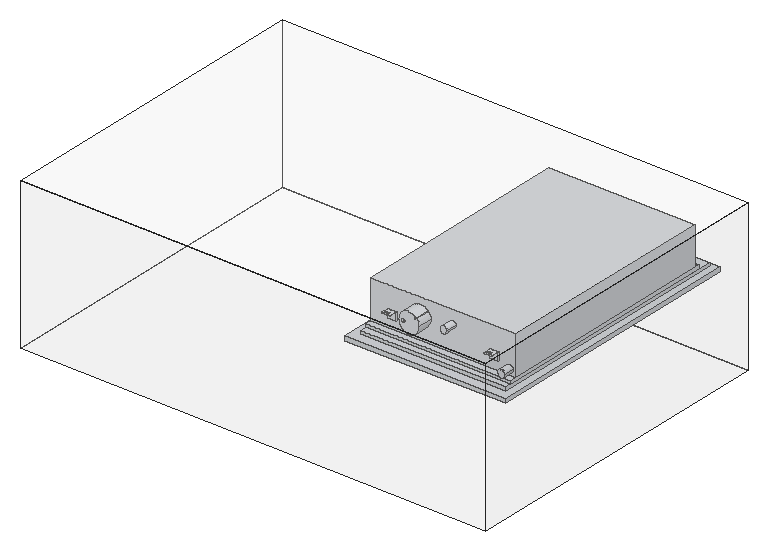
Revit family "pm-rp40_80fa19_50hz", category 機械設備, Revit 2019
Family settings
  丸型コネクタ寸法 = 直径を使用
  パーツ タイプ = 標準
  OmniClass 番号 = 23.75.10.24.21.27.27
  OmniClass タイトル = Split System Air Conditioning Units
  作業面ベース = いいえ
  常に垂直 = はい
  ロード時にボイドで切り取り = いいえ
  共有 = いいえ
  部屋計算ポイント = はい
Parameters (values of type "天井1方向_PM-RP40FA19")
  風量_静 (㎥/min) = 11
  風量_強 (㎥/min) = 15
  風量_弱 (㎥/min) = 12
  風量_中 (㎥/min) = 14
  風量 = MAX風量  # 900.0 m³/h
  音響パワーレベル(dB) = [音響パワーレベル_強 (dB)]  # 55
  音響パワーレベル_静 (dB) = 47
  音響パワーレベル_強 (dB) = 55
  音響パワーレベル_弱 (dB) = 50
  音響パワーレベル_中 (dB) = 52
  電源種別 = ""
  電源_H = 60 mm
  電圧 = 0 V
  電動機出力_送風機 = 0.09 kW
  運転質量 = 0.00 kg
  連動 = ""
  質量 = if(製品質量 > 運転質量, 製品質量, 運転質量) * 1.2  # 37.80 kg
  負荷分類 = 3_ファン類
  製品質量_本体 = 25.00 kg
  製品質量_パネル = 6.50 kg
  構成品番 = "PM-RP40FA19"
  ドレン管径 (外径) = 32 mm
  ドレン管径 = 25 mm
  サービススペース = yes
  【値が 0 の項目は組合せ形名にてご確認ください】 = ""
  URL = "https://www.mitsubishielectric.co.jp/ldg/wink/ssl/top.do"
  説明 = "店舗・事務所用パッケージエアコン(Mr.SLIM) [本体]1方向天井カセット形"
  設計暖房能力 = 0.00 kW
  設計冷房能力_顕熱 = 0 kW
  設計冷房能力 = 0 kW
  設置方法 = "カセット形"
  記号 = ""
  製造元 = "三菱電機株式会社"
  製品質量 = 製品質量_本体 + 製品質量_パネル  # 31.50 kg
  製品出荷対象 = "国内"
  製品リリース年月 = ""
  製品グループ = ""
  系統 = ""
  符号 = "PAC-CK1"
  積算_科目 = "1 空気調和設備"
  積算_拾い区分 [instance] = ""
  相 = 1
  盤記号 = ""
  発停方法 = "付属スイッチ"
  特殊仕様 = ""
  火災停止 = ""
  消費電力_暖房 = 0.07 kW
  消費電力_冷房 = 0.08 kW
  消費電力 = if(消費電力_冷房 > 消費電力_暖房, 消費電力_冷房, 消費電力_暖房)  # 0.08 kW
  法定耐用年数 = "6"
  極数 = 1
  材質 = ""
  本体マテリアル = none
  有効加湿量 = 0
  暖房能力 = 4.00 kW
  推奨ブレーカー容量 = 0 A
  形式_加湿器 = ""
  形式 = "1方向天井カセット形"
  幹線記号 = ""
  始動方式 = "直入"
  呼称 = "パッケージ形空気調和機_室内機"
  周波数 = 50 Hz
  吊り位置Y = 1173 mm
  吊り位置X = 510 mm
  吊りボルト_H = 117 mm
  台数_手元リモコン = ""
  台数_冷媒分岐ユニット = ""
  参照している仕様書等のバージョン = "公共建築工事標準仕様書（機械設備工事編）平成31年度版"
  加湿給水管径 = 0 mm
  分類コード = "5.0053E+13"
  分類グループ = ""
  冷房能力 = 3.6 kW
  冷媒高低圧ガス管径 = 0 mm
  冷媒管径符号 = "Ac"
  冷媒管径 = 100 mm
  冷媒液管高さ = 171 mm
  冷媒液管長さ = 72 mm
  冷媒液管径 = 6.4 mm
  冷媒ガス管高さ = 141 mm
  冷媒ガス管長さ = 72 mm
  冷媒ガス管径 = 12.7 mm
  企業コード = "108420"
  付属品_フィルター = ""
  付属品 = ""
  仕様書バージョン = "Version1.0"
  Model = ""
  パネルマテリアル = none
  ドレン管高さ = 159 mm
  コメント [instance] = ""
  ケーブル種類 = ""
  ケーブルサイズ = 0 mm
  Width = 724 mm
  Version = ""
  Uniclass2015Version = "Systems v1.9"
  Uniclass2015Title = "Split coil remote air cooled condensing units"
  Uniclass2015Code = "Pr_70_65_03_84"
  SpecificationReference = ""
  SpecificationDescription = ""
  S_H = 230 mm
  Revision = ""
  ProductInformation = ""
  Panel Width = 800 mm
  Panel Height = 20 mm
  Panel Depth = 1340 mm
  OmniClassCode = "23-33 17 13 11"
  MIN風量 = [風量_静 (㎥/min)] * 60.0 m³/h  # 660.0 m³/h
  MID風量2 = [風量_弱 (㎥/min)] * 60.0 m³/h  # 720.0 m³/h
  MID風量 = [風量_中 (㎥/min)] * 60.0 m³/h  # 840.0 m³/h
  MAX風量 = [風量_強 (㎥/min)] * 60.0 m³/h  # 900.0 m³/h
  IfcTypeProduct = ""
  IfcProduct = ""
  IfcExportType = "AIRCONDITIONINGUNIT"
  IfcExportAs = "IfcUnitaryEquipmentType"
  Height = 225 mm
  Depth = 1112 mm
  価格 = 0
  Clearance Top = 230 mm
  Clearance Right = 20 mm
  Clearance Left = 1500 mm
  Clearance Front = 150 mm
  Clearance Bottom = 500 mm
  Clearance Back = 150 mm
  Author = "三菱電機株式会社"
Types (8, lengths in mm): name | 風量_静 (㎥/min) | 風量_強 (㎥/min) | 風量_弱 (㎥/min) | 風量_中 (㎥/min) | 風量 | 音響パワーレベル(dB) | 音響パワーレベル_静 (dB) | 音響パワーレベル_強 (dB) | 音響パワーレベル_弱 (dB) | 音響パワーレベル_中 (dB) | 電源_H | 電動機出力_送風機 | 質量 | 製品質量_本体 | 構成品番 | 製品質量 | 消費電力_暖房 | 消費電力_冷房 | 消費電力 | 暖房能力 | 冷房能力 | 冷媒管径符号 | 冷媒液管径 | 冷媒ガス管径 | MIN風量 | MID風量2 | MID風量 | MAX風量
  天井1方向_PM-RP40FA19 | 11 | 15 | 12 | 14 | 900.0 m³/h | 55 | 47 | 55 | 50 | 52 | 60 | 0.09 kW | 37.80 kg | 25.00 kg | "PM-RP40FA19" | 31.50 kg | 0.07 kW | 0.08 kW | 0.08 kW | 4.00 kW | 3.6 kW | "Ac" | 6.4 | 12.7 | 660.0 m³/h | 720.0 m³/h | 840.0 m³/h | 900.0 m³/h
  天井1方向_PM-RP45FA19 | 11 | 15 | 12 | 14 | 900.0 m³/h | 55 | 47 | 55 | 50 | 52 | 60 | 0.09 kW | 37.80 kg | 25.00 kg | "PM-RP45FA19" | 31.50 kg | 0.07 kW | 0.08 kW | 0.08 kW | 4.50 kW | 4 kW | "Ac" | 6.4 | 12.7 | 660.0 m³/h | 720.0 m³/h | 840.0 m³/h | 900.0 m³/h
  天井1方向_PM-RP50FA19 | 11 | 15 | 12 | 14 | 900.0 m³/h | 55 | 47 | 55 | 50 | 52 | 60 | 0.09 kW | 37.80 kg | 25.00 kg | "PM-RP50FA19" | 31.50 kg | 0.07 kW | 0.08 kW | 0.08 kW | 5.00 kW | 4.5 kW | "Ac" | 6.4 | 12.7 | 660.0 m³/h | 720.0 m³/h | 840.0 m³/h | 900.0 m³/h
  天井1方向_PM-RP56FA19 | 14 | 17 | 15 | 16 | 1020.0 m³/h | 55 | 50 | 55 | 51 | 53 | 60 | 0.095 kW | 39.00 kg | 26.00 kg | "PM-RP56FA19" | 32.50 kg | 0.07 kW | 0.08 kW | 0.08 kW | 5.60 kW | 5 kW | "Ac" | 6.4 | 12.7 | 840.0 m³/h | 900.0 m³/h | 960.0 m³/h | 1020.0 m³/h
  天井1方向_PM-RP63FA19 | 14 | 19 | 16 | 17 | 1140.0 m³/h | 56 | 50 | 56 | 52 | 54 | 60 | 0.095 kW | 39.00 kg | 26.00 kg | "PM-RP63FA19" | 32.50 kg | 0.08 kW | 0.09 kW | 0.09 kW | 6.30 kW | 5.6 kW | "Ac" | 6.4 | 12.7 | 840.0 m³/h | 960.0 m³/h | 1020.0 m³/h | 1140.0 m³/h
  天井1方向_PM-RP71FA19 | 14 | 20 | 16 | 18 | 1200.0 m³/h | 58 | 51 | 58 | 53 | 55 | 60 | 0.095 kW | 39.00 kg | 26.00 kg | "PM-RP71FA19" | 32.50 kg | 0.09 kW | 0.10 kW | 0.10 kW | 7.10 kW | 6.3 kW | "Bd" | 9.5 | 15.9 | 840.0 m³/h | 960.0 m³/h | 1080.0 m³/h | 1200.0 m³/h
  天井1方向_PM-RP80FA19 | 14 | 20 | 16 | 18 | 1200.0 m³/h | 58 | 51 | 58 | 53 | 55 | 0 | 0.095 kW | 39.00 kg | 26.00 kg | "PM-RP80FA19" | 32.50 kg | 0.09 kW | 0.10 kW | 0.10 kW | 8.00 kW | 7.1 kW | "Bd" | 9.5 | 15.9 | 840.0 m³/h | 960.0 m³/h | 1080.0 m³/h | 1200.0 m³/h
  天井1方向_PM-HRP80FA19 | 14 | 20 | 16 | 18 | 1200.0 m³/h | 59 | 51 | 59 | 53 | 55 | 0 | 0.095 kW | 40.20 kg | 27.00 kg | "PM-HRP80FA19" | 33.50 kg | 0.10 kW | 0.11 kW | 0.11 kW | 8.00 kW | 7.1 kW | "Bd" | 9.5 | 15.9 | 840.0 m³/h | 960.0 m³/h | 1080.0 m³/h | 1200.0 m³/h
Reference planes
  plane 1 "中心(正面/背面)": y = 0
  plane 2: z = 0
  plane 3 "中心(左/右)": x = 0
  plane 4: x = -400
  plane 5: x = 400
  plane 6: y = 670
  plane 7: y = -670
  plane 8: z = 225
  plane 9: z = 230
  plane 10: x = -255
  plane 11: x = 255
  plane 12: y = 586.5
  plane 13: y = -586.5
  plane 14: y = 556
  plane 15: y = -556
  plane 16: x = -362
  plane 17: x = 362
  plane 18: x = -1900
  plane 19: x = 420
  plane 20: y = 820
  plane 21: y = -820
  plane 22: z = 230
  plane 23: z = -20
  plane 24: z = -520
Dimensions and locks
  equal spacing: plane 4, plane 3 "中心(左/右)", plane 5
  plane 4 to plane 5 = 800 mm
  equal spacing: plane 7, plane 1 "中心(正面/背面)", plane 6
  plane 4 to plane 10 = 145 mm
  plane 11 to plane 5 = 145 mm
  "S_H": plane 9 to level
  "吊り位置X": plane 10 to plane 11
  equal spacing: plane 10, plane 3 "中心(左/右)", plane 11
  equal spacing: plane 13, plane 1 "中心(正面/背面)", plane 12
  "吊り位置Y": plane 13 to plane 12
  equal spacing: plane 15, plane 1 "中心(正面/背面)", plane 14
  "Depth": plane 15 to plane 14
  equal spacing: plane 16, plane 3 "中心(左/右)", plane 17
  "Width": plane 16 to plane 17
  "Clearance Left": plane 18 to plane 4
  "Clearance Right": plane 5 to plane 19
  "Clearance Back": plane 6 to plane 20
  "Clearance Front": plane 21 to plane 7
  locked: level to plane 23 at 20
  "Clearance Bottom": plane 23 to plane 24
  "Clearance Top": plane 22 to level
  plane 12 to plane 6 = 83.5 mm
  plane 7 to plane 13 = 83.5 mm
  plane 7 to plane 6 = 1340 mm
  "Height": plane 8 to level
  aligned and locked: level to plane 2
  aligned and locked: plane 10 to nested 2
  aligned and locked: plane 11 to nested 2
  aligned and locked: nested 2 to plane 12
  aligned and locked: plane 13 to nested 2
  aligned and locked: plane 18 to nested 1
  aligned and locked: plane 19 to nested 1
  aligned and locked: nested 1 to plane 21
  aligned and locked: nested 1 to plane 20
  aligned and locked: plane 22 to nested 1
  aligned and locked: plane 24 to nested 1
  aligned and locked: plane 1 "中心(正面/背面)" to nested 3
  aligned and locked: nested 3 to plane 3 "中心(左/右)"
Nested families
  nested 1: "サービススペース" at (-740, 0, -145), visible <- "サービススペース", type "サービススペース"
    with Width 2320 mm, Height 750 mm, Depth 1640 mm
  nested 2: "固定点" at (-255, -586.5, 0), type "固定点"
    with W 510 mm, D 1173 mm
  nested 3: "PM-RP○○FA17" at (0, 0, 0) x (0, -1, 0) z (0, 0, 1), type "PM-RP○○FA17"
    with ユニット表示 yes, 冷媒液管径-Z 171 mm, 冷媒ガス管径-Z 141 mm, ドレン配管サイズ 32 mm
Connectors
  piping at (47, -613, 159), diameter 25, driven by "ドレン管径"
    settings: on nested 3, index 1, connector inside diameter 609.6 mm, connector length 0 mm, flow factor 0, pipe flow 0.0 L/s, pressure drop 0.0 Pa, fitting loss kfactor 0, connector angle 0.00°, fixture units 0, engagement length 0 mm, angle of deflection 0.00°, flow configuration 1, flow direction 2, fitting loss method 4, system type 16, joint type 0, gender type 0, connector reference index -1, connector utility 0, adjustable connector no, is connector primary yes, connector description ""
  piping at (-113, -628, 141), diameter 100, driven by "冷媒管径", driven by "冷媒管径符号"
    settings: on nested 3, index 2, connector inside diameter 609.6 mm, connector length 0 mm, flow factor 0, pipe flow 0.0 L/s, pressure drop 0.0 Pa, fitting loss kfactor 0, connector angle 0.00°, fixture units 0, engagement length 0 mm, angle of deflection 0.00°, flow configuration 1, flow direction 1, fitting loss method 4, system type 7, joint type 0, gender type 0, connector reference index -1, connector utility 0, adjustable connector no, is connector primary no, connector description "Ac"
  electrical at (330, -606, 60), driven by "極数", driven by "負荷分類", driven by "電圧", driven by "消費電力"
    settings: on nested 3, index 3, voltage 0 V, apparent load 80 VA, apparent load phase1 0 VA, apparent load phase2 0 VA, apparent load phase3 0 VA, power factor 1, load classification "3_ファン類", number of poles 1, system type 30, power factor state 1, is connector primary yes, connector utility no, sub classification motor no, connector description ""
Definition of nested family "サービススペース"
  Parameters (values of type "サービススペース")
    Width [instance] = 500 mm
    Height [instance] = 500 mm
    Depth [instance] = 500 mm
  Reference planes
    plane 1 "中心(正面/背面)": y = 0
    plane 2: z = 0
    plane 3 "中心(左/右)": x = 0
    plane 4: y = -250
    plane 5: x = 250
    plane 6: y = 250
    plane 7: x = -250
    plane 8: z = 250
    plane 9: z = -250
  Forms (mm)
    Extrusion 1, solid
      sketch origin (-638.939, 0, 72.39) x (1, 0, 0) y (0, 1, 0)
        loop
          line (388.939, 250) -> (388.939, -250) -> (888.939, -250) -> (888.939, 250) -> (388.939, 250)
      from -322.39 to 177.61
  Lines and regions (mm)
    symbolic lines
      curve 1: line (-250, 0, 250) -> (250, 0, 250)
      curve 2: line (-250, 0, -250) -> (-250, 0, 250)
      curve 3: line (250, 0, -250) -> (-250, 0, -250)
      curve 4: line (250, 0, 250) -> (250, 0, -250)
      curve 5: line (0, -250, 250) -> (0, 250, 250)
      curve 6: line (0, -250, -250) -> (0, -250, 250)
      curve 7: line (0, 250, -250) -> (0, -250, -250)
      curve 8: line (0, 250, 250) -> (0, 250, -250)
      curve 9: line (-250, 250, 0) -> (250, 250, 0)
      curve 10: line (-250, -250, 0) -> (-250, 250, 0)
      curve 11: line (250, -250, 0) -> (-250, -250, 0)
      curve 12: line (250, 250, 0) -> (250, -250, 0)
  Dimensions and locks
    equal spacing: plane 7, plane 3 "中心(左/右)", plane 5
    equal spacing: plane 4, plane 1 "中心(正面/背面)", plane 6
    "Depth": plane 4 to plane 6
    "Width": plane 7 to plane 5
    equal spacing: plane 8, plane 2, plane 9
    "Height": plane 8 to plane 9
    aligned and locked: plane 9 to curve 3
    aligned and locked: plane 7 to curve 2
    aligned and locked: curve 4 to plane 5
    aligned and locked: plane 5 to Extrusion 1
    aligned and locked: Extrusion 1 to plane 7
    aligned and locked: Extrusion 1 to plane 9
    aligned and locked: plane 8 to Extrusion 1
    aligned and locked: plane 9 to curve 7
  Automatic sketch dimensions
    plane 4 to Extrusion 1 sketch curve = 0 mm
    Extrusion 1 sketch curve to plane 7 = 0 mm
    Extrusion 1 sketch curve to plane 5 = 0 mm
    plane 6 to Extrusion 1 sketch curve = 0 mm
    curve 2 to plane 8 = 0 mm
    plane 4 to curve 11 = 0 mm
    curve 11 to plane 7 = 0 mm
    curve 11 to plane 5 = 0 mm
    plane 6 to curve 10 = 0 mm
    curve 7 to plane 4 = 0 mm
    curve 7 to plane 6 = 0 mm
    curve 6 to plane 8 = 0 mm
Definition of nested family "PM-RP○○FA17"
  Parameters (values of type "PM-RP○○FA17")
    配線取出口サイズ = 36 mm
    配線取出口-Z = 60 mm
    配線取出口-Y = 32 mm
    配線取出口-X = 50 mm
    液配管サイズ = 6.4 mm
    冷媒ガス管径-Z2 = 141 mm
    冷媒ガス管径-Z1 = 171 mm
    A = 幅さ + 228 mm  # 1340 mm
    高さ = 225 mm
    奥行き = 724 mm
    吊りボルト_H = 117 mm
    冷媒配管 = 100 mm
    冷媒液管径-Z = 156 mm
    冷媒液管径-Y = 445 mm
    冷媒液管径-X = 72 mm
    冷媒ガス管径-Z = 156 mm
    冷媒ガス管径-Y = 505 mm
    冷媒ガス管径-X = 72 mm
    ユニット表示 [instance] = yes
    ボルトピッチ = 510 mm
    ドレン配管サイズ = 25 mm
    ドレン管径-Z = 159 mm
    ドレン管径-Y = 315 mm
    ドレン管径-X = 57 mm
    ガス配管サイズ = 12.7 mm
    D = 幅さ + 61 mm  # 1173 mm
    幅さ = 1112 mm
    B = 幅さ + 188 mm  # 1300 mm
  Reference planes
    plane 1 "中心(正面/背面)": y = 0
    plane 2: z = 0
    plane 3 "中心(左/右)": x = 0
    plane 4: x = -670
    plane 5: x = 670
    plane 6: y = 400
    plane 7: y = -400
    plane 8: z = 225
    plane 9: z = -20
    plane 10: x = -556
    plane 11: x = 556
    plane 12: y = 362
    plane 13: y = -362
    plane 14: z = 16
    plane 15: x = -650
    plane 16: x = 650
    plane 17: x = 586.5
    plane 18: x = -586.5
    plane 19: z = 32
    plane 20: x = 620
    plane 21: y = 255
    plane 22: y = -255
    plane 23: x = 628
    plane 24: y = -143
    plane 25: z = 156
    plane 26: x = 628
    plane 27: y = -83
    plane 28: x = 613
    plane 29: y = 47
    plane 30: z = 159
    plane 31: x = 606
    plane 32: y = 330
    plane 33: z = 60
    plane 34: z = 117
    plane 35: z = 115
    plane 36: z = 75
    plane 37: y = 275
    plane 38: y = 235
    plane 39: y = -235
    plane 40: y = -275
    plane 41: y = 260
    plane 42: y = 250
    plane 43: y = -250
    plane 44: y = -260
    plane 45: x = -596
    plane 46: x = 596
    plane 47: x = -558
    plane 48: x = 558
    plane 49: z = 141
    plane 50: z = 171
  Forms (mm)
    Extrusion 1, solid, visible <- "ユニット表示", detail levels fine
      sketch origin (0, 0, 0) x (1, 0, 0) y (0, 1, 0)
        loop
          line (-556, 362) -> (-556, -362) -> (556, -362) -> (556, 362) -> (-556, 362)
      from 32 to 225
    Extrusion 2, solid, visible <- "ユニット表示", detail levels fine
      sketch origin (-1437.329, -1524, 16) x (-1, 0, 0) y (0, -1, 0)
        loop
          line (-850.829, -1886) -> (-850.829, -1162) -> (-2023.829, -1162) -> (-2023.829, -1886) -> (-850.829, -1886)
      from 0 to 16
    Extrusion 3, solid, visible <- "ユニット表示", detail levels fine
      sketch origin (-1437.329, -1524, 16) x (-1, 0, 0) y (0, -1, 0)
        loop
          line (-787.329, -1886) -> (-787.329, -1162) -> (-2057.329, -1162) -> (-2057.329, -1886) -> (-787.329, -1886)
      from 0 to -16
    Extrusion 4, solid, visible <- "ユニット表示", detail levels fine
      sketch origin (556, 1296.25, 1200) x (0, 1, 0) y (0, 0, 1)
        loop
          circle (-1439.25, -1059) r 6.35
      from 0 to 72
    Extrusion 5, solid, visible <- "ユニット表示", detail levels fine
      sketch origin (556, 1296.25, 1200) x (0, 1, 0) y (0, 0, 1)
        loop
          circle (-1379.25, -1029) r 3.2
      from 0 to 72
    Extrusion 6, solid, visible <- "ユニット表示", detail levels fine
      sketch origin (556, 1296.25, 1200) x (0, 1, 0) y (0, 0, 1)
        loop
          circle (-1249.25, -1041) r 12.5
      from 0 to 57
    Extrusion 7, solid, visible <- "ユニット表示", detail levels fine
      sketch origin (556, 1296.25, 1200) x (0, 1, 0) y (0, 0, 1)
        loop
          circle (-966.25, -1140) r 18
      from 0 to 50
    Extrusion 8, solid, visible <- "ユニット表示", detail levels fine
      sketch origin (556, 1306.25, 1200) x (0, 1, 0) y (0, 0, 1)
        loop
          circle (-1419.25, -1044) r 50
      from 0 to 72
    Extrusion 9, solid, visible <- "ユニット表示"
      sketch origin (0, 0, 0) x (1, 0, 0) y (0, 1, 0)
        loop
          line (-670, 400) -> (-670, -400) -> (670, -400) -> (670, 400) -> (-670, 400)
      from 0 to -20
    Extrusion 10, solid, visible <- "ユニット表示", detail levels fine
      sketch origin (0, 0, 0) x (1, 0, 0) y (0, 1, 0)
        loop
          line (-581.5, 260) -> (-581.5, 250)
          arc (-581.5, 250) -> (-586.5, 245) -> (-591.5, 250) r 5
          line (-591.5, 250) -> (-596, 250) -> (-596, 235) -> (-556, 235) -> (-556, 275) -> (-596, 275) -> (-596, 260) -> (-591.5, 260)
          arc (-591.5, 260) -> (-586.5, 265) -> (-581.5, 260) r 5
        loop
          arc (581.5, 260) -> (586.5, 265) -> (591.5, 260) r 5
          line (591.5, 260) -> (596, 260) -> (596, 275) -> (556, 275) -> (556, 235) -> (596, 235) -> (596, 250) -> (591.5, 250)
          arc (591.5, 250) -> (586.5, 245) -> (581.5, 250) r 5
          line (581.5, 250) -> (581.5, 260)
        loop
          line (581.5, -260) -> (581.5, -250)
          arc (581.5, -250) -> (586.5, -245) -> (591.5, -250) r 5
          line (591.5, -250) -> (596, -250) -> (596, -235) -> (556, -235) -> (556, -275) -> (596, -275) -> (596, -260) -> (591.5, -260)
          arc (591.5, -260) -> (586.5, -265) -> (581.5, -260) r 5
        loop
          arc (-581.5, -260) -> (-586.5, -265) -> (-591.5, -260) r 5
          line (-591.5, -260) -> (-596, -260) -> (-596, -275) -> (-556, -275) -> (-556, -235) -> (-596, -235) -> (-596, -250) -> (-591.5, -250)
          arc (-591.5, -250) -> (-586.5, -245) -> (-581.5, -250) r 5
          line (-581.5, -250) -> (-581.5, -260)
      from 115 to 117
    Extrusion 11, solid, visible <- "ユニット表示", detail levels fine
      sketch origin (0, 0, 0) x (1, 0, 0) y (0, 1, 0)
        loop
          line (-558, 275) -> (-558, 235) -> (-556, 235) -> (-556, 275) -> (-558, 275)
        loop
          line (556, 275) -> (556, 235) -> (558, 235) -> (558, 275) -> (556, 275)
        loop
          line (556, -235) -> (556, -275) -> (558, -275) -> (558, -235) -> (556, -235)
        loop
          line (-558, -235) -> (-558, -275) -> (-556, -275) -> (-556, -235) -> (-558, -235)
      from 75 to 115
  Dimensions and locks
    equal spacing: plane 7, plane 1 "中心(正面/背面)", plane 6
    plane 7 to plane 6 = 800 mm
    equal spacing: plane 4, plane 3 "中心(左/右)", plane 5
    "A": plane 4 to plane 5
    locked: level to plane 9 at 20
    equal spacing: plane 13, plane 1 "中心(正面/背面)", plane 12
    "奥行き": plane 13 to plane 12
    equal spacing: plane 10, plane 3 "中心(左/右)", plane 11
    "幅さ": plane 10 to plane 11
    locked: plane 14 to level at 16
    equal spacing: plane 15, plane 3 "中心(左/右)", plane 16
    "B": plane 15 to plane 16
    equal spacing: plane 18, plane 3 "中心(左/右)", plane 17
    "D": plane 18 to plane 17
    equal spacing: plane 22, plane 1 "中心(正面/背面)", plane 21
    "ボルトピッチ": plane 22 to plane 21
    "冷媒ガス管径-X": plane 11 to plane 23
    "冷媒ガス管径-Y": plane 24 to plane 12
    "冷媒液管径-X": plane 11 to plane 26
    "冷媒液管径-Y": plane 27 to plane 12
    "ドレン管径-X": plane 11 to plane 28
    "ドレン管径-Y": plane 29 to plane 12
    "配線取出口-X": plane 11 to plane 31
    "配線取出口-Y": plane 32 to plane 12
    "配線取出口-Z": plane 33 to level
    "ドレン管径-Z": plane 30 to level
    "冷媒ガス管径-Z": plane 25 to level
    locked: plane 35 to plane 36 at 40
    locked: plane 34 to plane 35 at 2
    "吊りボルト_H": plane 34 to level
    plane 40 to plane 22 to plane 39 = 20 mm locked, 20 mm locked
    plane 38 to plane 21 to plane 37 = 20 mm locked, 20 mm locked
    plane 44 to plane 22 to plane 43 = 5 mm locked, 5 mm locked
    plane 42 to plane 21 to plane 41 = 5 mm locked, 5 mm locked
    locked: plane 45 to plane 10 at 40
    locked: plane 11 to plane 46 at 40
    locked: plane 11 to plane 48 at 2
    locked: plane 47 to plane 10 at 2
    plane 16 to plane 15 = 1300 mm
    plane 4 to plane 15 = 20 mm
    plane 15 to plane 10 = 94 mm
    plane 11 to plane 16 = 94 mm
    plane 12 to plane 6 = 38 mm
    locked: plane 19 to plane 14 at 16
    "高さ": plane 8 to level
    equal spacing: plane 24, Extrusion 8 sketch curve, plane 27
    plane 7 to plane 13 = 38 mm
    plane 16 to plane 5 = 20 mm
    "冷媒ガス管径-Z2": plane 49 to level
    "冷媒ガス管径-Z1": plane 50 to level
    "ガス配管サイズ": diameter of Extrusion 4 sketch curve
    "液配管サイズ": diameter of Extrusion 5 sketch curve
    "配線取出口サイズ": diameter of Extrusion 7 sketch curve
    "冷媒配管": diameter of Extrusion 8 sketch curve
    "ドレン配管サイズ": diameter of Extrusion 6 sketch curve
    aligned and locked: level to plane 2
    aligned and locked: plane 12 to Extrusion 1 sketch curve
    aligned and locked: plane 10 to Extrusion 1 sketch curve
    aligned and locked: Extrusion 1 sketch curve to plane 13
    aligned and locked: Extrusion 1 sketch curve to plane 11
    aligned and locked: plane 8 to Extrusion 1
    aligned and locked: plane 12 to Extrusion 2 sketch curve
    aligned and locked: plane 18 to Extrusion 2 sketch curve
    aligned and locked: Extrusion 2 sketch curve to plane 13
    aligned and locked: Extrusion 2 sketch curve to plane 17
    aligned and locked: plane 19 to Extrusion 2
    aligned and locked: Extrusion 1 to Extrusion 2
    aligned and locked: plane 12 to Extrusion 3 sketch curve
    aligned and locked: Extrusion 3 sketch curve to plane 13
    aligned and locked: Extrusion 3 sketch curve to plane 20
    aligned and locked: Extrusion 3 to level
    aligned and locked: plane 14 to Extrusion 3
    aligned and locked: plane 24 to Extrusion 4 sketch curve
    aligned and locked: Extrusion 4 to plane 11
    aligned and locked: plane 23 to Extrusion 4
    aligned and locked: plane 27 to Extrusion 5 sketch curve
    aligned and locked: plane 26 to Extrusion 5
    aligned and locked: Extrusion 5 to plane 11
    aligned and locked: plane 30 to Extrusion 6 sketch curve
    aligned and locked: plane 29 to Extrusion 6 sketch curve
    aligned and locked: Extrusion 6 to plane 11
    aligned and locked: plane 28 to Extrusion 6
    aligned and locked: plane 33 to Extrusion 7 sketch curve
    aligned and locked: plane 32 to Extrusion 7 sketch curve
    aligned and locked: Extrusion 7 to plane 11
    aligned and locked: plane 31 to Extrusion 7
    aligned and locked: plane 25 to Extrusion 8 sketch curve
    aligned and locked: Extrusion 8 to plane 11
    aligned and locked: plane 26 to Extrusion 8
    aligned and locked: level to Extrusion 9
    aligned and locked: Extrusion 9 to plane 9
    aligned and locked: Extrusion 10 sketch curve to plane 10
    aligned and locked: plane 34 to Extrusion 10
    aligned and locked: Extrusion 10 to plane 35
    aligned and locked: plane 37 to Extrusion 10 sketch curve
    aligned and locked: plane 45 to Extrusion 10 sketch curve  (x2)
    aligned and locked: Extrusion 10 sketch curve to plane 38
    aligned and locked: Extrusion 10 sketch curve to plane 42
    aligned and locked: Extrusion 10 sketch curve to plane 41
    aligned and locked: plane 41 to Extrusion 10 sketch curve  (x3)
    aligned and locked: plane 42 to Extrusion 10 sketch curve  (x3)
    aligned and locked: plane 18 to Extrusion 10 sketch curve  (x4)
    aligned and locked: plane 10 to Extrusion 10 sketch curve
    aligned and locked: Extrusion 10 sketch curve to plane 39
    aligned and locked: plane 40 to Extrusion 10 sketch curve
    aligned and locked: plane 44 to Extrusion 10 sketch curve  (x3)
    aligned and locked: plane 43 to Extrusion 10 sketch curve  (x3)
    aligned and locked: Extrusion 10 sketch curve to plane 43
    aligned and locked: Extrusion 10 sketch curve to plane 44
    aligned and locked: Extrusion 10 sketch curve to plane 45  (x2)
    aligned and locked: plane 11 to Extrusion 10 sketch curve
    aligned and locked: Extrusion 10 sketch curve to plane 46  (x2)
    aligned and locked: plane 17 to Extrusion 10 sketch curve  (x4)
    aligned and locked: Extrusion 10 sketch curve to plane 40
    aligned and locked: plane 39 to Extrusion 10 sketch curve
    aligned and locked: plane 46 to Extrusion 10 sketch curve  (x2)
    aligned and locked: plane 38 to Extrusion 10 sketch curve
    aligned and locked: Extrusion 10 sketch curve to plane 11
    aligned and locked: Extrusion 10 sketch curve to plane 37
    aligned and locked: plane 37 to Extrusion 11 sketch curve
    aligned and locked: plane 47 to Extrusion 11 sketch curve  (x2)
    aligned and locked: Extrusion 11 sketch curve to Extrusion 10  (x8)
    aligned and locked: Extrusion 11 sketch curve to plane 38
    aligned and locked: Extrusion 11 sketch curve to plane 48  (x2)
    aligned and locked: Extrusion 11 sketch curve to plane 40
    aligned and locked: plane 39 to Extrusion 11 sketch curve
    aligned and locked: Extrusion 11 to Extrusion 10
    aligned and locked: Extrusion 11 to plane 36
    aligned and locked: plane 49 to Extrusion 4 sketch curve
    aligned and locked: plane 50 to Extrusion 5 sketch curve
  Automatic sketch dimensions
    Extrusion 9 sketch curve to plane 4 = 0 mm
    Extrusion 9 sketch curve to plane 5 = 0 mm
    plane 7 to Extrusion 9 sketch curve = 0 mm
    plane 6 to Extrusion 9 sketch curve = 0 mm
    Extrusion 10 sketch curve to plane 18 = 5 mm  (x2)
    Extrusion 10 sketch curve to plane 17 = 5 mm  (x2)
    Extrusion 3 sketch curve to plane 15 = 0 mm
Definition of nested family "固定点"
  Parameters (values of type "固定点")
    中心円 = 20 mm
    W [instance] = 1000 mm
    D [instance] = 1000 mm
  Reference planes
    plane 1 "中心(正面/背面)": y = 0
    plane 2: z = 0
    plane 3 "中心(左/右)": x = 0
    plane 4: x = 1000
    plane 5: y = 1000
  Lines and regions (mm)
    symbolic lines, detail levels fine
      curve 1: circle (0, 1000, 0) r 10 normal (0, 0, 1)
      curve 2: circle (0, 0, 0) r 10 normal (0, 0, 1)
      curve 3: circle (1000, 1000, 0) r 10 normal (0, 0, 1)
      curve 4: circle (1000, 0, 0) r 10 normal (0, 0, 1)
      curve 5: line (-200, 1000, 0) -> (1200, 1000, 0)
      curve 6: line (-200, 0, 0) -> (1200, 0, 0)
      curve 7: line (0, 1200, 0) -> (0, -200, 0)
      curve 8: line (1000, 1200, 0) -> (1000, -200, 0)
  Dimensions and locks
    "W": plane 3 "中心(左/右)" to plane 4
    "D": plane 1 "中心(正面/背面)" to plane 5
    "中心円": diameter of curve 1
    "中心円": diameter of curve 2
    "中心円": diameter of curve 3
    "中心円": diameter of curve 4
    aligned and locked: level to plane 2
    aligned and locked: plane 5 to curve 1
    aligned and locked: plane 3 "中心(左/右)" to curve 1
    aligned and locked: plane 3 "中心(左/右)" to curve 2
    aligned and locked: plane 1 "中心(正面/背面)" to curve 2
    aligned and locked: plane 4 to curve 3
    aligned and locked: plane 5 to curve 3
    aligned and locked: plane 1 "中心(正面/背面)" to curve 4
    aligned and locked: plane 4 to curve 4
    aligned and locked: plane 1 "中心(正面/背面)" to curve 6
    aligned and locked: curve 7 to plane 3 "中心(左/右)"
    aligned and locked: curve 8 to plane 4
  Automatic sketch dimensions
    curve 5 to plane 5 = 0 mm
    curve 6 to plane 3 "中心(左/右)" = 200 mm
    curve 5 to plane 3 "中心(左/右)" = 200 mm
    curve 4 to curve 6 = 200 mm
    curve 3 to curve 5 = 200 mm
    plane 1 "中心(正面/背面)" to curve 8 = 200 mm
    plane 1 "中心(正面/背面)" to curve 7 = 200 mm
    curve 3 to curve 8 = 200 mm
    curve 1 to curve 7 = 200 mm
